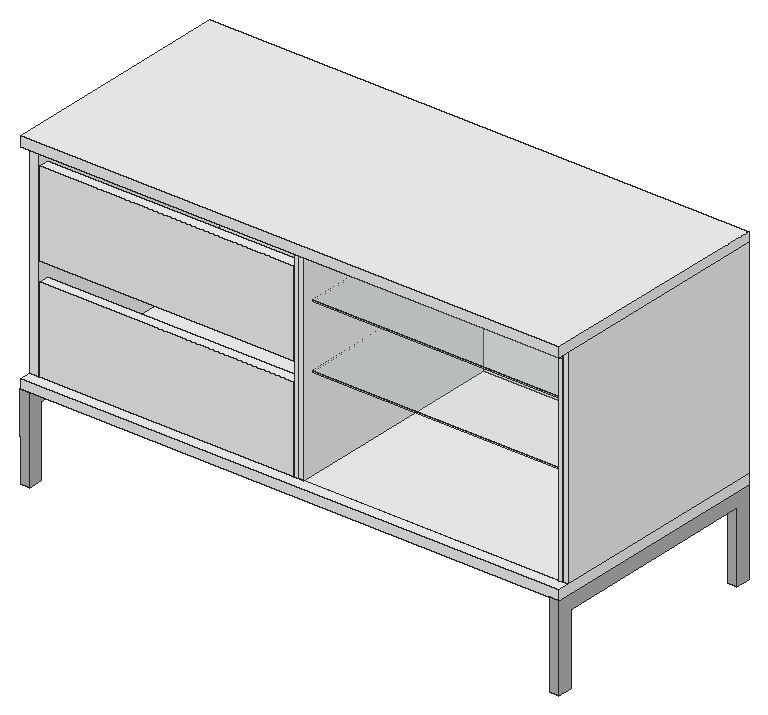
Revit family
Reference planes
  plane 1 "Centre (avant/arrière)": y = 0
  plane 2: z = 0
  plane 3 "Centre (gauche/droite)": x = 0
  plane 4: x = 1140
  plane 5: y = 500
  plane 6: z = 660
  plane 7: z = 180
Forms (mm)
  Extrusion 1, solid, material "BLANC MAT"
    sketch origin (0, 0, 0) x (0, 1, 0) y (0, 0, 1)
      loop
        line (0, 660) -> (0, 640) -> (500, 640) -> (500, 660) -> (0, 660)
      loop
        line (0, 200) -> (0, 180) -> (500, 180) -> (500, 200) -> (0, 200)
    from 0 to 1140
  Extrusion 2, solid, material "BLANC MAT"
    sketch origin (1140, 0, 0) x (0, 1, 0) y (0, 0, 1)
      loop
        line (500, 640) -> (25, 640) -> (25, 200) -> (500, 200) -> (500, 640)
    from 0 to -20
  Extrusion 3, solid, material "BLANC MAT"
    sketch origin (0, 0, 0) x (0, 1, 0) y (0, 0, -1)
      loop
        line (500, -640) -> (500, -200) -> (25, -200) -> (25, -640) -> (500, -640)
    from 0 to -20
  Extrusion 4, solid, material "BLANC MAT"
    sketch origin (560, 0, 0) x (0, 1, 0) y (0, 0, -1)
      loop
        line (500, -640) -> (500, -200) -> (25, -200) -> (25, -640) -> (500, -640)
    from 0 to -20
  Extrusion 5, solid, material "PEINTURE ARGENT"
    sketch origin (0, 0, 0) x (0, -1, 0) y (0, 0, 1)
      loop
        line (-500, 180) -> (-500, 0) -> (-470, 0) -> (-470, 150) -> (-30, 150) -> (-30, 0) -> (0, 0) -> (0, 180) -> (-500, 180)
    from 0 to -20
  Extrusion 6, solid, material "PEINTURE ARGENT"
    sketch origin (1140, 0, 0) x (0, -1, 0) y (0, 0, -1)
      loop
        line (-500, -180) -> (0, -180) -> (0, 0) -> (-30, 0) -> (-30, -150) -> (-470, -150) -> (-470, 0) -> (-500, 0) -> (-500, -180)
    from 0 to -20
  Extrusion 7, solid, material "BLANC MAT"
    sketch origin (1140, 500, 587.676) x (0, 0, 1) y (1, 0, 0)
      loop
        line (52.324, -20) -> (-387.676, -20) -> (-387.676, -560) -> (52.324, -560) -> (52.324, -20)
      loop
        line (52.324, -580) -> (-387.676, -580) -> (-387.676, -1120) -> (52.324, -1120) -> (52.324, -580)
    from 0 to -1
  Extrusion 8, solid, material "BLANC MAT"
    sketch origin (0, 25, 631.801) x (0, 0, -1) y (1, 0, 0)
      loop
        line (251.801, 20.5) -> (431.301, 20.5) -> (431.301, 559.5) -> (251.801, 559.5) -> (251.801, 20.5)
      loop
        line (31.801, 20.5) -> (211.801, 20.5) -> (211.801, 559.5) -> (31.801, 559.5) -> (31.801, 20.5)
    from 0 to -20
  Extrusion 9, solid, material "VERRE DEPOLI BLANC"
    sketch origin (0, 25, 631.801) x (0, 0, -1) y (1, 0, 0)
      loop
        line (431.801, 570) -> (431.801, 1130) -> (-8.199, 1130) -> (-8.199, 570) -> (431.801, 570)
    from 0 to 2
  Extrusion 10, solid, material "PEINTURE ARGENT"
    sketch origin (0, 23, 631.801) x (0, 0, -1) y (1, 0, 0)
      loop
        line (-8.199, 570) -> (6.801, 570) -> (6.801, 1130) -> (-8.199, 1130) -> (-8.199, 570)
    from 0 to 2
  Extrusion 11, solid, material "Verre"
    sketch origin (1140, 499, 587.676) x (0, 0, -1) y (1, 0, 0)
      loop
        line (187.854, -560) -> (191.854, -560) -> (191.854, -20) -> (187.854, -20) -> (187.854, -560)
      loop
        line (53.854, -560) -> (57.854, -560) -> (57.854, -20) -> (53.854, -20) -> (53.854, -560)
    from 0 to 454
Dimensions and locks
  locked: plane 3 "Centre (gauche/droite)" to plane 4 at 1140
  locked: plane 5 to plane 1 "Centre (avant/arrière)" at 500
  plane 6 to level = 660 mm
  locked: Extrusion 1 sketch curve to Extrusion 1 sketch curve at 20
  locked: plane 6 to Extrusion 1 sketch curve at 20
  Extrusion 1 to Extrusion 2 sketch curve = 25 mm
  Extrusion 5 sketch curve to Extrusion 5 sketch curve = 30 mm  (x2)
  Extrusion 1 to Extrusion 5 sketch curve = 30 mm
  Extrusion 6 sketch curve to Extrusion 6 sketch curve = 30 mm  (x2)
  Extrusion 8 sketch curve to Extrusion 3 = 0.5 mm
  Extrusion 8 sketch curve to Extrusion 4 = 0.5 mm
  locked: Extrusion 8 sketch curve to Extrusion 1 at 180
  Extrusion 8 sketch curve to Extrusion 8 sketch curve = 180 mm
  Extrusion 8 sketch curve to Extrusion 8 sketch curve = 40 mm
  locked: Extrusion 11 sketch curve to Extrusion 11 sketch curve at 4  (x2)
  Extrusion 11 sketch curve to Extrusion 1 = 195.822 mm
  Extrusion 11 sketch curve to Extrusion 11 sketch curve = 130 mm
  Extrusion 10 to Extrusion 11 sketch curve = 91.178 mm
  aligned and locked: Extrusion 1 sketch curve to plane 1 "Centre (avant/arrière)"  (x2)
  aligned and locked: Extrusion 1 sketch curve to plane 5  (x2)
  aligned and locked: Extrusion 1 sketch curve to plane 6
  aligned and locked: plane 7 to Extrusion 1 sketch curve
  aligned and locked: Extrusion 2 sketch curve to Extrusion 1  (x2)
  aligned and locked: level to Extrusion 5 sketch curve  (x2)
  aligned and locked: Extrusion 7 sketch curve to Extrusion 4  (x2)
  aligned and locked: Extrusion 7 sketch curve to Extrusion 1  (x4)
  aligned and locked: Extrusion 7 sketch curve to Extrusion 3
  aligned and locked: Extrusion 7 sketch curve to Extrusion 2
  aligned and locked: Extrusion 8 sketch curve to Extrusion 8 sketch curve  (x2)
  aligned and locked: Extrusion 1 to Extrusion 10 sketch curve
  aligned and locked: Extrusion 10 sketch curve to Extrusion 9  (x2)
  aligned: Extrusion 11 to Extrusion 8
